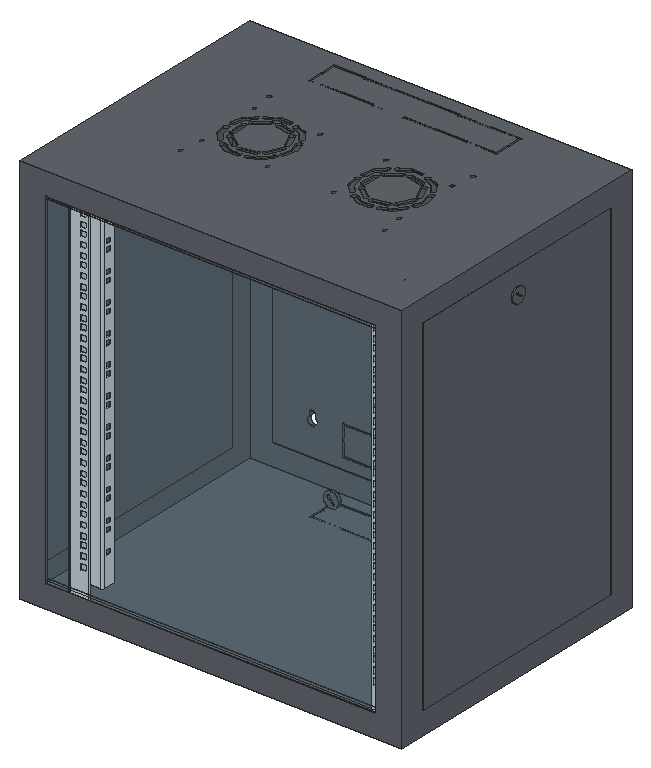
Revit family "Legrand Linkeo coffrets fixes avec panneaux latéraux amovilbles", category Equipement spécialisé, Revit 2020 (continued)
Automatic sketch dimensions
  Extrusion 68 sketch curve to Extrusion 68 sketch curve = 2.086 mm
  Extrusion 68 sketch curve to Extrusion 68 sketch curve = 3.246 mm  (x3)
  Extrusion 68 sketch curve to Extrusion 68 sketch curve = 8.844 mm
  Extrusion 68 sketch curve to Extrusion 68 sketch curve = 4.946 mm
  Extrusion 68 sketch curve to Extrusion 68 sketch curve = 9.339 mm
  Extrusion 68 sketch curve to Extrusion 68 sketch curve = 4.182 mm  (x2)
  Extrusion 68 sketch curve to Extrusion 68 sketch curve = 3.193 mm
  Extrusion 68 sketch curve to Extrusion 68 sketch curve = 4.17 mm  (x2)
  Extrusion 68 sketch curve to Extrusion 68 sketch curve = 12.448 mm
  Extrusion 68 sketch curve to Extrusion 68 sketch curve = 16.00 mm
  Extrusion 68 sketch curve to Extrusion 68 sketch curve = 4.998 mm  (x2)
  Extrusion 68 sketch curve to Extrusion 68 sketch curve = 32.934 mm  (x2)
  Extrusion 68 sketch curve to Extrusion 68 sketch curve = 0.039 mm  (x3)
  Extrusion 68 sketch curve to Extrusion 68 sketch curve = 0.04 mm
  Extrusion 68 sketch curve to Extrusion 68 sketch curve = 2.498 mm
  Extrusion 68 sketch curve to Extrusion 68 sketch curve = 35.498 mm
  Extrusion 68 sketch curve to Extrusion 68 sketch curve = 2.525 mm
  Extrusion 68 sketch curve to Extrusion 68 sketch curve = 2.566 mm
  Extrusion 68 sketch curve to Extrusion 68 sketch curve = 35.50 mm  (x2)
  Extrusion 68 sketch curve to Extrusion 68 sketch curve = 3.741 mm  (x2)
  Extrusion 68 sketch curve to Extrusion 68 sketch curve = 3.74 mm
  Extrusion 68 sketch curve to Extrusion 68 sketch curve = 4.248 mm
  Extrusion 68 sketch curve to Extrusion 68 sketch curve = 0.951 mm
  Extrusion 68 sketch curve to Extrusion 68 sketch curve = 2.405 mm
  Extrusion 68 sketch curve to Extrusion 68 sketch curve = 1.097 mm
  Extrusion 68 sketch curve to Extrusion 68 sketch curve = 7.843 mm
  Extrusion 68 sketch curve to Extrusion 68 sketch curve = 4.281 mm
  Extrusion 68 sketch curve to Extrusion 68 sketch curve = 2.551 mm
  Extrusion 68 sketch curve to Extrusion 68 sketch curve = 2.552 mm
  Extrusion 68 sketch curve to Extrusion 68 sketch curve = 1.356 mm
  Extrusion 68 sketch curve to Extrusion 68 sketch curve = 3.912 mm  (x2)
  Extrusion 68 sketch curve to Extrusion 68 sketch curve = 3.738 mm
  Extrusion 68 sketch curve to Extrusion 68 sketch curve = 3.56 mm
  Extrusion 68 sketch curve to Extrusion 68 sketch curve = 3.911 mm
  Extrusion 68 sketch curve to Extrusion 68 sketch curve = 0.382 mm
  Extrusion 68 sketch curve to Extrusion 68 sketch curve = 7.868 mm
  Extrusion 68 sketch curve to Extrusion 68 sketch curve = 11.634 mm
  Extrusion 68 sketch curve to Extrusion 68 sketch curve = 5.35 mm
  Extrusion 68 sketch curve to Extrusion 68 sketch curve = 5.352 mm
  Extrusion 68 sketch curve to Extrusion 68 sketch curve = 3.464 mm  (x2)
  Extrusion 68 sketch curve to Extrusion 68 sketch curve = 6.063 mm
  Extrusion 68 sketch curve to Extrusion 68 sketch curve = 6.064 mm
  Extrusion 68 sketch curve to Extrusion 68 sketch curve = 3.332 mm  (x2)
  Extrusion 68 sketch curve to Extrusion 68 sketch curve = 3.713 mm
  Extrusion 68 sketch curve to Extrusion 68 sketch curve = 2.743 mm  (x2)
  Extrusion 68 sketch curve to Extrusion 68 sketch curve = 2.741 mm
  Extrusion 68 sketch curve to Extrusion 68 sketch curve = 4.141 mm  (x2)
  Extrusion 68 sketch curve to Extrusion 68 sketch curve = 10.631 mm
  Extrusion 68 sketch curve to Extrusion 68 sketch curve = 13.187 mm
  Extrusion 68 sketch curve to Extrusion 68 sketch curve = 2.556 mm
  Extrusion 68 sketch curve to Extrusion 68 sketch curve = 2.554 mm
  Extrusion 68 sketch curve to Extrusion 68 sketch curve = 0.959 mm
  Extrusion 68 sketch curve to Extrusion 68 sketch curve = 11.318 mm
  Extrusion 68 sketch curve to Extrusion 68 sketch curve = 7.433 mm
  Extrusion 68 sketch curve to Extrusion 68 sketch curve = 10.179 mm
  Extrusion 68 sketch curve to Extrusion 68 sketch curve = 1.837 mm
  Extrusion 68 sketch curve to Extrusion 68 sketch curve = 1.674 mm
  Extrusion 68 sketch curve to Extrusion 68 sketch curve = 0.749 mm
  Extrusion 68 sketch curve to Extrusion 68 sketch curve = 2.423 mm
  Extrusion 68 sketch curve to Extrusion 68 sketch curve = 3.335 mm  (x2)
  Extrusion 68 sketch curve to Extrusion 68 sketch curve = 1.873 mm  (x2)
  Extrusion 68 sketch curve to Extrusion 68 sketch curve = 10.88 mm
  Extrusion 68 sketch curve to Extrusion 68 sketch curve = 10.883 mm
  Extrusion 68 sketch curve to Extrusion 68 sketch curve = 1.142 mm
  Extrusion 68 sketch curve to Extrusion 68 sketch curve = 1.14 mm
  Extrusion 68 sketch curve to Extrusion 68 sketch curve = 9.533 mm
  Extrusion 68 sketch curve to Extrusion 68 sketch curve = 9.534 mm
  Extrusion 68 sketch curve to Extrusion 68 sketch curve = 0.011 mm
  Extrusion 68 sketch curve to Extrusion 68 sketch curve = 0.01 mm
  Extrusion 68 sketch curve to Extrusion 68 sketch curve = 8.315 mm
  Extrusion 68 sketch curve to Extrusion 68 sketch curve = 8.317 mm
  Extrusion 68 sketch curve to Extrusion 68 sketch curve = 4.075 mm  (x2)
  Extrusion 68 sketch curve to Extrusion 68 sketch curve = 4.082 mm
  Extrusion 68 sketch curve to Extrusion 68 sketch curve = 0.758 mm
  Extrusion 68 sketch curve to Extrusion 68 sketch curve = 0.75 mm
  Extrusion 68 sketch curve to Extrusion 68 sketch curve = 1.832 mm
  Extrusion 68 sketch curve to Extrusion 68 sketch curve = 1.833 mm
  Extrusion 68 sketch curve to Extrusion 68 sketch curve = 6.438 mm
  Extrusion 68 sketch curve to Extrusion 68 sketch curve = 6.449 mm
  Extrusion 68 sketch curve to Extrusion 68 sketch curve = 1.144 mm
  Extrusion 68 sketch curve to Extrusion 68 sketch curve = 1.135 mm
  Extrusion 68 sketch curve to Extrusion 68 sketch curve = 9.734 mm
  Extrusion 68 sketch curve to Extrusion 68 sketch curve = 1.864 mm
  Extrusion 68 sketch curve to Extrusion 68 sketch curve = 9.773 mm
  Extrusion 68 sketch curve to Extrusion 68 sketch curve = 11.668 mm
  Extrusion 68 sketch curve to Extrusion 68 sketch curve = 13.243 mm
  Extrusion 68 sketch curve to Extrusion 68 sketch curve = 0.82 mm
  Extrusion 68 sketch curve to Extrusion 68 sketch curve = 4.72 mm
  Extrusion 68 sketch curve to Extrusion 68 sketch curve = 5.555 mm
  Extrusion 68 sketch curve to Extrusion 68 sketch curve = 0.015 mm  (x2)
  Extrusion 68 sketch curve to Extrusion 68 sketch curve = 9.069 mm
  Extrusion 68 sketch curve to Extrusion 68 sketch curve = 1.059 mm
  Extrusion 68 sketch curve to Extrusion 68 sketch curve = 10.127 mm
  Extrusion 68 sketch curve to Extrusion 68 sketch curve = 1.063 mm
  Extrusion 68 sketch curve to Extrusion 68 sketch curve = 9.504 mm
  Extrusion 68 sketch curve to Extrusion 68 sketch curve = 9.519 mm
  Extrusion 68 sketch curve to Extrusion 68 sketch curve = 0.888 mm  (x2)
  Extrusion 68 sketch curve to Extrusion 68 sketch curve = 1.945 mm  (x2)
  Extrusion 68 sketch curve to Extrusion 68 sketch curve = 0.83 mm
  Extrusion 68 sketch curve to Extrusion 68 sketch curve = 0.835 mm
  Extrusion 68 sketch curve to Extrusion 68 sketch curve = 9.576 mm
  Extrusion 68 sketch curve to Extrusion 68 sketch curve = 18.645 mm
  Extrusion 68 sketch curve to Extrusion 68 sketch curve = 3.316 mm  (x3)
  Extrusion 68 sketch curve to Extrusion 68 sketch curve = 3.318 mm
  Extrusion 68 sketch curve to Extrusion 68 sketch curve = 9.348 mm
  Extrusion 68 sketch curve to Extrusion 68 sketch curve = 1.863 mm
  Extrusion 68 sketch curve to Extrusion 68 sketch curve = 1.862 mm
  Extrusion 68 sketch curve to Extrusion 68 sketch curve = 2.493 mm  (x3)
  Extrusion 68 sketch curve to Extrusion 68 sketch curve = 12.899 mm
  Extrusion 68 sketch curve to Extrusion 68 sketch curve = 7.351 mm
  Extrusion 68 sketch curve to Extrusion 68 sketch curve = 10.962 mm
  Extrusion 68 sketch curve to Extrusion 68 sketch curve = 0.294 mm
  Extrusion 68 sketch curve to Extrusion 68 sketch curve = 9.196 mm
  Extrusion 68 sketch curve to Extrusion 68 sketch curve = 9.197 mm
  Extrusion 68 sketch curve to Extrusion 68 sketch curve = 1.621 mm
  Extrusion 68 sketch curve to Extrusion 68 sketch curve = 1.622 mm
  Extrusion 68 sketch curve to Extrusion 68 sketch curve = 2.798 mm
  Extrusion 68 sketch curve to Extrusion 68 sketch curve = 10.148 mm
  Extrusion 68 sketch curve to Extrusion 68 sketch curve = 9.556 mm
  Extrusion 68 sketch curve to Extrusion 68 sketch curve = 4.148 mm  (x2)
  Extrusion 68 sketch curve to Extrusion 68 sketch curve = 4.147 mm  (x2)
  Extrusion 68 sketch curve to Extrusion 68 sketch curve = 0.521 mm  (x2)
  Extrusion 68 sketch curve to Extrusion 68 sketch curve = 3.415 mm  (x2)
  Extrusion 68 sketch curve to Extrusion 68 sketch curve = 2.489 mm
  Extrusion 68 sketch curve to Extrusion 68 sketch curve = 3.773 mm  (x2)
  Extrusion 68 sketch curve to Extrusion 68 sketch curve = 6.194 mm  (x2)
  Extrusion 68 sketch curve to Extrusion 68 sketch curve = 3.579 mm  (x2)
  Extrusion 68 sketch curve to Extrusion 68 sketch curve = 7.574 mm
  Extrusion 68 sketch curve to Extrusion 68 sketch curve = 7.575 mm
  Extrusion 68 sketch curve to Extrusion 68 sketch curve = 3.882 mm  (x2)
  Extrusion 68 sketch curve to Extrusion 68 sketch curve = 4.246 mm  (x2)
  Extrusion 68 sketch curve to Extrusion 68 sketch curve = 4.298 mm  (x2)
  Extrusion 68 sketch curve to Extrusion 68 sketch curve = 17.173 mm
  Extrusion 68 sketch curve to Extrusion 68 sketch curve = 8.927 mm
  Extrusion 68 sketch curve to Extrusion 68 sketch curve = 11.415 mm
  Extrusion 68 sketch curve to Extrusion 68 sketch curve = 14.373 mm
  Extrusion 68 sketch curve to Extrusion 68 sketch curve = 4.245 mm  (x2)
  Extrusion 68 sketch curve to Extrusion 68 sketch curve = 35.501 mm
  Extrusion 68 sketch curve to Extrusion 68 sketch curve = 4.095 mm  (x2)
  Extrusion 68 sketch curve to Extrusion 68 sketch curve = 3.823 mm  (x4)
  Extrusion 68 sketch curve to Extrusion 68 sketch curve = 1.708 mm
  Extrusion 68 sketch curve to Extrusion 68 sketch curve = 3.836 mm  (x4)
  Extrusion 68 sketch curve to Extrusion 68 sketch curve = 1.734 mm  (x3)
  Extrusion 68 sketch curve to Extrusion 68 sketch curve = 0.931 mm  (x2)
  Extrusion 68 sketch curve to Extrusion 68 sketch curve = 0.96 mm  (x6)
  Extrusion 68 sketch curve to Extrusion 68 sketch curve = 0.197 mm  (x2)
  Extrusion 68 sketch curve to Extrusion 68 sketch curve = 2.138 mm
  Extrusion 68 sketch curve to Extrusion 68 sketch curve = 2.153 mm  (x2)
  Extrusion 68 sketch curve to Extrusion 68 sketch curve = 1.952 mm  (x2)
  Extrusion 68 sketch curve to Extrusion 68 sketch curve = 2.661 mm  (x2)
  Extrusion 68 sketch curve to Extrusion 68 sketch curve = 4.169 mm  (x2)
  Extrusion 68 sketch curve to Extrusion 68 sketch curve = 0.937 mm  (x2)
  Extrusion 68 sketch curve to Extrusion 68 sketch curve = 1.711 mm
  Extrusion 68 sketch curve to Extrusion 68 sketch curve = 2.14 mm
  Extrusion 68 sketch curve to Extrusion 68 sketch curve = 4.14 mm  (x2)
  Extrusion 68 sketch curve to Extrusion 68 sketch curve = 1.831 mm
  Extrusion 68 sketch curve to Extrusion 68 sketch curve = 1.857 mm
  Extrusion 68 sketch curve to Extrusion 68 sketch curve = 0.828 mm
  Extrusion 68 sketch curve to Extrusion 68 sketch curve = 2.801 mm
  Extrusion 69 sketch curve to Extrusion 69 sketch curve = 0.00 mm
  Extrusion 69 sketch curve to Extrusion 69 sketch curve = 9.50 mm  (x4)
  Extrusion 69 sketch curve to Extrusion 69 sketch curve = 22.25 mm
  Extrusion 70 sketch curve to Extrusion 70 sketch curve = 9.50 mm  (x2)
  Extrusion 71 sketch curve to Extrusion 71 sketch curve = 0.00 mm
  Extrusion 71 sketch curve to Extrusion 71 sketch curve = 9.50 mm  (x4)
  Extrusion 71 sketch curve to Extrusion 71 sketch curve = 22.25 mm
  Extrusion 72 sketch curve to Extrusion 72 sketch curve = 9.50 mm  (x2)
  Extrusion 73 sketch curve to Extrusion 73 sketch curve = 0.00 mm
  Extrusion 73 sketch curve to Extrusion 73 sketch curve = 9.50 mm  (x4)
  Extrusion 73 sketch curve to Extrusion 73 sketch curve = 22.25 mm
  Extrusion 74 sketch curve to Extrusion 74 sketch curve = 9.50 mm  (x2)
  Extrusion 75 sketch curve to Extrusion 75 sketch curve = 0.00 mm
  Extrusion 75 sketch curve to Extrusion 75 sketch curve = 9.50 mm  (x4)
  Extrusion 75 sketch curve to Extrusion 75 sketch curve = 22.25 mm
  Extrusion 76 sketch curve to Extrusion 76 sketch curve = 9.50 mm  (x2)
  Extrusion 77 sketch curve to Extrusion 77 sketch curve = 0.00 mm
  Extrusion 77 sketch curve to Extrusion 77 sketch curve = 9.50 mm  (x4)
  Extrusion 77 sketch curve to Extrusion 77 sketch curve = 22.25 mm
  Extrusion 78 sketch curve to Extrusion 78 sketch curve = 9.50 mm  (x2)
  Extrusion 79 sketch curve to Extrusion 79 sketch curve = 0.00 mm
  Extrusion 79 sketch curve to Extrusion 79 sketch curve = 9.50 mm  (x4)
  Extrusion 79 sketch curve to Extrusion 79 sketch curve = 22.25 mm
  Extrusion 80 sketch curve to Extrusion 80 sketch curve = 9.50 mm  (x2)
  Extrusion 81 sketch curve to Extrusion 81 sketch curve = 9.50 mm  (x2)
  Extrusion 82 sketch curve to Extrusion 82 sketch curve = 9.50 mm  (x2)
  Extrusion 83 sketch curve to Extrusion 83 sketch curve = 9.50 mm  (x2)
  Extrusion 84 sketch curve to Extrusion 84 sketch curve = 9.50 mm  (x2)
  Extrusion 85 sketch curve to Extrusion 85 sketch curve = 9.50 mm  (x2)
  Extrusion 86 sketch curve to Extrusion 86 sketch curve = 9.50 mm  (x2)
  Extrusion 87 sketch curve to Extrusion 87 sketch curve = 0.00 mm
  Extrusion 87 sketch curve to Extrusion 87 sketch curve = 9.50 mm  (x4)
  Extrusion 87 sketch curve to Extrusion 87 sketch curve = 22.25 mm
  Extrusion 88 sketch curve to Extrusion 88 sketch curve = 9.50 mm  (x2)
  Extrusion 89 sketch curve to Extrusion 89 sketch curve = 0.00 mm
  Extrusion 89 sketch curve to Extrusion 89 sketch curve = 9.50 mm  (x4)
  Extrusion 89 sketch curve to Extrusion 89 sketch curve = 22.25 mm
  Extrusion 90 sketch curve to Extrusion 90 sketch curve = 9.50 mm  (x2)
  Extrusion 91 sketch curve to Extrusion 91 sketch curve = 0.00 mm
  Extrusion 91 sketch curve to Extrusion 91 sketch curve = 9.50 mm  (x4)
  Extrusion 91 sketch curve to Extrusion 91 sketch curve = 22.25 mm
  Extrusion 92 sketch curve to Extrusion 92 sketch curve = 9.50 mm  (x2)
  Extrusion 93 sketch curve to Extrusion 93 sketch curve = 0.00 mm
  Extrusion 93 sketch curve to Extrusion 93 sketch curve = 9.50 mm  (x4)
  Extrusion 93 sketch curve to Extrusion 93 sketch curve = 22.25 mm
  Extrusion 94 sketch curve to Extrusion 94 sketch curve = 9.50 mm  (x2)
  Extrusion 95 sketch curve to Extrusion 95 sketch curve = 0.00 mm
  Extrusion 95 sketch curve to Extrusion 95 sketch curve = 9.50 mm  (x4)
  Extrusion 95 sketch curve to Extrusion 95 sketch curve = 22.25 mm
  Extrusion 96 sketch curve to Extrusion 96 sketch curve = 9.50 mm  (x2)
  Extrusion 97 sketch curve to Extrusion 97 sketch curve = 0.00 mm
  Extrusion 97 sketch curve to Extrusion 97 sketch curve = 9.50 mm  (x4)
  Extrusion 97 sketch curve to Extrusion 97 sketch curve = 22.25 mm
  Extrusion 98 sketch curve to Extrusion 98 sketch curve = 9.50 mm  (x2)
  Extrusion 99 sketch curve to Extrusion 99 sketch curve = 9.50 mm  (x2)
  Extrusion 100 sketch curve to Extrusion 100 sketch curve = 9.50 mm  (x2)
  Extrusion 101 sketch curve to Extrusion 101 sketch curve = 9.50 mm  (x2)
  Extrusion 102 sketch curve to Extrusion 102 sketch curve = 9.50 mm  (x2)
  Extrusion 103 sketch curve to Extrusion 103 sketch curve = 9.50 mm  (x2)
  Extrusion 104 sketch curve to Extrusion 104 sketch curve = 9.50 mm  (x2)
  radius of Extrusion 53 sketch curve = 12.00 mm
  radius of Extrusion 55 sketch curve = 12.00 mm
  radius of Extrusion 60 sketch curve = 12.00 mm
  radius of Extrusion 62 sketch curve = 12.00 mm
  radius of Extrusion 64 sketch curve = 12.00 mm
  radius of Extrusion 66 sketch curve = 12.00 mm
  radius of Extrusion 6 sketch curve = 2.75 mm  (x12)
  radius of Extrusion 68 sketch curve = 2.75 mm  (x12)
Connectors
  electrical at (304, 2, 312.5)
    settings: on cut or joined group of Extrusion 1, Extrusion 2, Extrusion 3, Extrusion 6, Extrusion 7, Extrusion 8, Extrusion 40, Extrusion 57, index 1, voltage 0 V, apparent load 0 VA, apparent load phase1 0 VA, apparent load phase2 0 VA, apparent load phase3 0 VA, power factor 1, load classification "Autre", number of poles 1, system type 31, power factor state 1, is connector primary yes, connector utility no, sub classification motor no, connector description ""
Types (12, lengths in mm): name | Référence Legrand | Passage utile en hauteur (mm) | Nombre d'unités en hauteur | Lien e-catalogue | Libellé BIM | Profondeur (mm) | Hauteur (mm) | Fixation Y | EAN | Capacité de charge max
  Coffret fixe Legrand Linkeo 12U W600 D450 Flatpack 646252.rfa | "646252" | 555.00 | 12 | "https://www.legrand.fr/reference/646252/pro" | "Coffret fixe Legrand Linkeo 12U W600 D450 Flatpack 646252.rfa" | 458.00 | 625.00 | 419.00 | "3414970968036" | "36"
  Coffret fixe Legrand Linkeo 12U W600 D600 Flatpack 646262.rfa | "646262" | 555.00 | 12 | "https://www.legrand.fr/reference/646262/pro" | "Coffret fixe Legrand Linkeo 12U W600 D600 Flatpack 646262.rfa" | 608.00 | 625.00 | 419.00 | "3414970968098" | "36"
  Coffret fixe Legrand Linkeo 15U W600 D450 Flatpack 646253.rfa | "646253" | 688.00 | 15 | "https://www.legrand.fr/reference/646253/pro" | "Coffret fixe Legrand Linkeo 15U W600 D450 Flatpack 646253.rfa" | 458.00 | 759.00 | 552.00 | "3414970968043" | "45"
  Coffret fixe Legrand Linkeo 15U W600 D600 Flatpack 646263.rfa | "646263" | 688.00 | 15 | "https://www.legrand.fr/reference/646263/pro" | "Coffret fixe Legrand Linkeo 15U W600 D600 Flatpack 646263.rfa" | 608.00 | 759.00 | 552.00 | "3414970968104" | "45"
  Coffret fixe Legrand Linkeo 18U W600 D450 Flatpack 646254.rfa | "646254" | 821.00 | 18 | "https://www.legrand.fr/reference/646254/pro" | "Coffret fixe Legrand Linkeo 18U W600 D450 Flatpack 646254.rfa" | 458.00 | 892.00 | 685.00 | "3414970968050" | "54"
  Coffret fixe Legrand Linkeo 18U W600 D600 Flatpack 646264.rfa | "646264" | 821.00 | 18 | "https://www.legrand.fr/reference/646264/pro" | "Coffret fixe Legrand Linkeo 18U W600 D600 Flatpack 646264.rfa" | 608.00 | 892.00 | 685.00 | "3414970968111" | "54"
  Coffret fixe Legrand Linkeo 21U W600 D450 Flatpack 646255.rfa | "646255" | 955.00 | 21 | "https://www.legrand.fr/reference/646255/pro" | "Coffret fixe Legrand Linkeo 21U W600 D450 Flatpack 646255.rfa" | 458.00 | 1025.00 | 819.00 | "3414970968067" | "63"
  Coffret fixe Legrand Linkeo 21U W600 D600 Flatpack 646265.rfa | "646265" | 955.00 | 21 | "https://www.legrand.fr/reference/646265/pro" | "Coffret fixe Legrand Linkeo 21U W600 D600 Flatpack 646265.rfa" | 608.00 | 1025.00 | 819.00 | "3414970968128" | "63"
  Coffret fixe Legrand Linkeo 6U W600 D450 Flatpack 646250.rfa | "646250" | 288.00 | 6 | "https://www.legrand.fr/reference/646250/pro" | "Coffret fixe Legrand Linkeo 6U W600 D450 Flatpack 646250.rfa" | 458.00 | 359.00 | 152.00 | "3414970968012" | "18"
  Coffret fixe Legrand Linkeo 6U W600 D600 Flatpack 646260.rfa | "646260" | 288.00 | 6 | "https://www.legrand.fr/reference/646260/pro" | "Coffret fixe Legrand Linkeo 6U W600 D600 Flatpack 646260.rfa" | 608.00 | 359.00 | 152.00 | "3414970968074" | "18"
  Coffret fixe Legrand Linkeo 9U W600 D450 Flatpack 646251.rfa | "646251" | 422.00 | 9 | "https://www.legrand.fr/reference/646251/pro" | "Coffret fixe Legrand Linkeo 9U W600 D450 Flatpack 646251.rfa" | 458.00 | 492.00 | 286.00 | "3414970968029" | "27"
  Coffret fixe Legrand Linkeo 9U W600 D600 Flatpack 646261.rfa | "646261" | 422.00 | 9 | "https://www.legrand.fr/reference/646261/pro" | "Coffret fixe Legrand Linkeo 9U W600 D600 Flatpack 646261.rfa" | 608.00 | 492.00 | 286.00 | "3414970968081" | "27"
